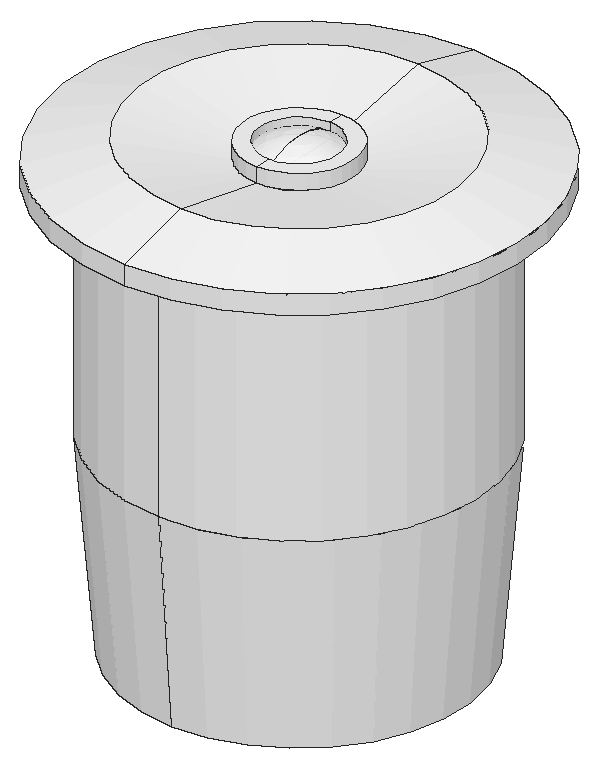
Revit family "Zumtobel basicDIM ILD G2 SRC 20 5DPI", category Lighting Devices, host Face, Revit 2023
Family settings
  Host = Face
  Round Connector Dimension = Use Diameter
  Part Type = Normal
  OmniClass Number = 23.85.80.11.27
  OmniClass Title = Lighting Controls
  Cut with Voids When Loaded = Yes
  Maintain Annotation Orientation = No
  Shared = No
  Room Calculation Point = Yes
Parameters (values of type "basicDIM ILD G2 SRC 20 5DPI WH")
  Material-Housing = ZG-Lighting Fixtures-Plastic-White_RGB 255 255 255
  URL = "https://www.zumtobel.com/com-en/products/basic-dimlite.html?&GUID=373D84C3-5C3E-4741-83BA-8D8CC2FA3E57#Sensor"
  Type Image = basicDIM ILD G2 SRC 20 5DPI WH.jpg
  Type Comments = ""
  Model = "28003391"
  Manufacturer = "Zumtobel Lighting"  # constant formula
  Description = "Motion Sensor"
  Default Elevation = 0 mm
  Assembly Code = "D5030800"
Reference planes
  plane 1 "Center (Front/Back)": y = 0
  plane 2: z = 0
  plane 3 "Center (Left/Right)": x = 0
Forms (mm)
  Revolve 1, solid, material "ZG-Lighting Fixtures-Plastic-White_RGB 255 255 255" <- "Material-Housing"
    sketch origin (0, 0, 0) x (0, 1, 0) y (0, 0, 1)
      loop
        line (23.375, 0) -> (29, 0) -> (29, 2.5) -> (19.67, 5) -> (7, 2.5) -> (7, 4.5) -> (5, 4.5) -> (5, 2.5) -> (0, 2.5) -> (0, -60.4) -> (6.5, -60.4) -> (6.5, -58.326)
        arc (6.5, -58.326) -> (13.857, -57.429) -> (21.109, -55.9) r 85.753
        line (21.109, -55.9) -> (23.375, -30) -> (23.375, 0)
      axis (0, -60.4) -> (0, 5)
    angle from 0 to 360
  Revolve 2, solid, material "ZG-Lighting Fixtures-Plastic-Translucent-White_RGB 255 255 255"
    sketch origin (0, 0, 0) x (0, 1, 0) y (0, 0, 1)
      loop
        line (5, 2.5) -> (5, 3.5)
        arc (5, 3.5) -> (2.61, 4.617) -> (0, 5) r 9.083
        line (0, 5) -> (0, 2.5) -> (5, 2.5)
      axis (0, 2.5) -> (0, 5)
    angle from 0 to 360
  Extrusion 3, void
    sketch origin (0, 0, 0) x (1, 0, 0) y (0, 1, 0)
      loop
        circle (0, 0) r 25
    from -100 to 10
Lines and regions (mm)
  Filled region 1, type "White"
    outline origin (0, 0, 0) x (1, 0, 0) y (0, 1, 0)
      loop
        circle (0, 0) r 29
      loop
        circle (0, 0) r 7
  Filled region 2, type "White"
    outline origin (0, 0, 0) x (1, 0, 0) y (0, 1, 0)
      loop
        circle (0, 0) r 7
  model lines, style "InvisibleLines"
    curve 1: line (-150, 0, 0) -> (150, 0, 0)
    curve 2: line (0, 150, 0) -> (0, -150, 0)
Dimensions and locks
  aligned and locked: plane 2 to host face
  aligned and locked: level to host face
  aligned and locked: curve 2 to plane 3 "Center (Left/Right)"
  aligned and locked: plane 1 "Center (Front/Back)" to curve 1
Connectors
  electrical at (0, 0, 0)
    settings: index 1, voltage 230 V, apparent load 2 VA, apparent load phase1 0 VA, apparent load phase2 0 VA, apparent load phase3 0 VA, power factor 1, load classification "Lighting", number of poles 1, system type 30, power factor state 1, is connector primary yes, connector utility no, sub classification motor no, connector description ""
